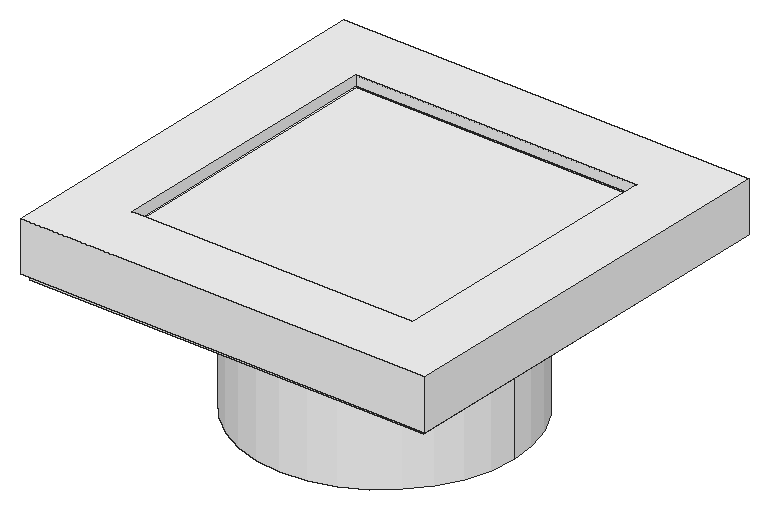
Revit family "Gira_291203", category Electrical Fixtures, host Face, Revit 2017
Family settings
  Host = Face
  Maintain Annotation Orientation = Yes
  Round Connector Dimension = Use Diameter
  Part Type = Normal
  Cut with Voids When Loaded = No
  Shared = No
  Room Calculation Point = No
Parameters (values of type "Pull-cord btn System 55 p.white")
  White [instance] = White
  URL = "http://katalog.gira.de/en/datenblatt.html?artikelnr=291203"
  Suitable for bus connection = "2-wire"
  Suitable for = "Emergency call"
  Name = "Pull-cord btn System 55 p.white"
  Model = "Sys55_Komplettgerät_Schalten und Tasten"
  Manufacturer URL = "https://www.gira.de/"
  Manufacturer = "Gira"
  HeinzeBIM = "https://bimportal.heinze.de/bim/pull-cord-btn-system-55-p-white/5bac549efa62aa683827bc893924f0966a0ba7ff"
  HAN = "291203"
  GTIN = "4010337062561"
  Description = "P-c btn Sys55 PW,Pull-cord button,System 55,pure white glossy,Features:,- Call or emergency call triggering using pull cord (2.5 m).,- Red reassurance light in the device housing.,,Notes :,- The pull-cord button is suitable for both wall and ceiling mounting."
  Default Elevation = 1219.2 mm
  Data sheet (1) = "https://katalog.gira.de/en/download.html?artikelnr=291203"
  Construction = "Wall model"
  Category = "Call-/control unit clinic-installation"
  Button function = "Activate call"
  BIM (1) = "https://media.stage.bim.site/public/gira/36a6b08/Sys55_Komplettgerät_Schalten und Tasten.rfa?public/gira/36a6b08/Sys55_Komplettgerät_Schalten und Tasten.rfa"
  Available = "No"
Reference planes
  plane 1 "Center (Front/Back)": y = 0
  plane 2: z = 0
  plane 3 "Center (Left/Right)": x = 0
Forms (mm)
  Extrusion 1, solid, material "White" <- "White", detail levels medium
    sketch origin (0, 0, 0) x (1, 0, 0) y (0, 1, 0)
      loop
        line (-40.4, 40.4) -> (-40.4, -40.4) -> (40.4, -40.4) -> (40.4, 40.4) -> (-40.4, 40.4)
      loop
        line (-28, 28) -> (-28, -28) -> (28, -28) -> (28, 28) -> (-28, 28)
    from 0 to 10
  Extrusion 2, solid, material "White" <- "White", detail levels fine
    sketch origin (0, 0, 0) x (1, 0, 0) y (0, 1, 0)
      loop
        line (-40.4, 40.4) -> (-40.4, -40.4) -> (40.4, -40.4) -> (40.4, 40.4) -> (-40.4, 40.4)
      loop
        line (-28, 28) -> (-28, -28) -> (28, -28) -> (28, 28) -> (-28, 28)
    from 0 to 10
  Extrusion 3, void
    sketch origin (0, 0, 0) x (1, 0, 0) y (0, 1, 0)
      loop
        line (-38.4, 38.4) -> (-38.4, -38.4) -> (38.4, -38.4) -> (38.4, 38.4) -> (-38.4, 38.4)
    from 0 to 8
  Extrusion 4, solid, material "White" <- "White", detail levels medium+fine
    sketch origin (0, 0, 0) x (1, 0, 0) y (0, 1, 0)
      loop
        line (-39.4, 39.4) -> (-39.4, -39.4) -> (39.4, -39.4) -> (39.4, 39.4) -> (-39.4, 39.4)
    from 0 to -1
  Extrusion 5, solid, material "White" <- "White", detail levels medium+fine
    sketch origin (0, 0, 0) x (1, 0, 0) y (0, 1, 0)
      loop
        line (-35.5, 35.5) -> (-35.5, -35.5) -> (35.5, -35.5) -> (35.5, 35.5) -> (-35.5, 35.5)
    from -2 to -3
  Extrusion 6, solid, material "White" <- "White", detail levels medium+fine
    sketch origin (0, 0, 0) x (1, 0, 0) y (0, 1, 0)
      loop
        circle (0, 0) r 26
    from 0 to -27.5
  Extrusion 7, solid, material "White" <- "White", detail levels coarse
    sketch origin (0, 0, 0) x (1, 0, 0) y (0, 1, 0)
      loop
        line (-40.4, 40.4) -> (-40.4, -40.4) -> (40.4, -40.4) -> (40.4, 40.4) -> (-40.4, 40.4)
    from -27.5 to 10
Cuts and joins
  Extrusion 3 cuts Extrusion 2
Dimensions and locks
  aligned and locked: plane 2 to host face
  aligned and locked: level to host face
  aligned and locked: plane 3 "Center (Left/Right)" to nested 2
  aligned and locked: plane 1 "Center (Front/Back)" to nested 2
Nested families
  nested 1: "Sys55_Abdeckung_Schalten und Tasten_floor_base" at (0, 0, 0), type "Sys55_Abdeckung_Schalten und Tasten_floor_base"
  nested 2: "Schalter" at (0, 0, 0), type "Schalter"
Connectors
  electrical at (0, 0, -27.5)
    settings: on Extrusion 6, index 1, voltage 220 V, apparent load 0 VA, apparent load phase1 0 VA, apparent load phase2 0 VA, apparent load phase3 0 VA, power factor 1, load classification "Other", number of poles 1, system type 30, power factor state 1, is connector primary yes, connector utility no, sub classification motor no, connector description ""
Definition of nested family "Sys55_Abdeckung_Schalten und Tasten_floor_base"
  Parameters
    Default Elevation = 1219.2 mm
    White [instance] = none
  Reference planes
    plane 1 "Center (Front/Back)": y = 0
    plane 2: z = 0
    plane 3 "Center (Left/Right)": x = 0
  Forms (mm)
    Extrusion 1, solid
      sketch origin (0, 0, 0) x (1, 0, 0) y (0, 1, 0)
        loop
          line (-1219.2, 1219.2) -> (-1219.2, -1219.2) -> (1219.2, -1219.2) -> (1219.2, 1219.2) -> (-1219.2, 1219.2)
      from 0 to -304.8
    Extrusion 2, solid, material <- "White", detail levels fine
      sketch origin (0, 0, 0) x (1, 0, 0) y (0, 1, 0)
        loop
          line (-27.5, 27.5) -> (-27.5, -27.5) -> (27.5, -27.5) -> (27.5, 27.5) -> (-27.5, 27.5)
      from 0 to 8
    Extrusion 3, void
      sketch origin (0, 0, 0) x (1, 0, 0) y (0, 1, 0)
        loop
          line (26, 26) -> (-26, 26) -> (-26, -26) -> (26, -26) -> (26, 26)
      from 0 to 6
    Extrusion 4, solid, material <- "White", detail levels medium
      sketch origin (0, 0, 0) x (1, 0, 0) y (0, 1, 0)
        loop
          line (-27.5, 27.5) -> (-27.5, -27.5) -> (27.5, -27.5) -> (27.5, 27.5) -> (-27.5, 27.5)
      from 0 to 8
    Extrusion 5, solid, material <- "White", detail levels medium
      sketch origin (0, 0, 0) x (1, 0, 0) y (0, 1, 0)
        loop
          line (11, -17.5) -> (11, 17.5) -> (-11, 17.5) -> (-11, -17.5) -> (11, -17.5)
      from -6 to 6
    Extrusion 6, solid, material <- "White", detail levels fine
      sketch origin (0, 0, 0) x (1, 0, 0) y (0, 1, 0)
        loop
          line (11, 17.5) -> (-11, 17.5) -> (-11, 16.5) -> (11, 16.5) -> (11, 17.5)
        loop
          line (-11, -16.5) -> (-11, -17.5) -> (11, -17.5) -> (11, -16.5) -> (-11, -16.5)
      from -4 to 6
    Extrusion 7, solid, material <- "White", detail levels fine
      sketch origin (0, 0, 0) x (1, 0, 0) y (0, 1, 0)
        loop
          arc (5, 9.347) -> (0, 10.6) -> (-5, 9.347) r 10.6
          line (-5, 9.347) -> (-5, -9.347)
          arc (-5, -9.347) -> (0, -10.6) -> (5, -9.347) r 10.6
          line (5, -9.347) -> (5, 9.347)
      from -6 to 6
    Extrusion 8, solid, material <- "White", detail levels coarse
      sketch origin (0, 0, 0) x (1, 0, 0) y (0, 1, 0)
        loop
          line (-27.5, 27.5) -> (-27.5, -27.5) -> (27.5, -27.5) -> (27.5, 27.5) -> (-27.5, 27.5)
      from -6 to 8
  Cuts and joins
    Extrusion 3 cuts Extrusion 2
  Dimensions and locks
    aligned and locked: plane 2 to Extrusion 1
    aligned and locked: level to Extrusion 1
Definition of nested family "Schalter"
  Reference planes
    plane 1: y = 0
    plane 2: x = 0
  Lines and regions (mm)
    detail lines
      curve 1: circle (1.375, 2.778, 0) r 0.8 normal (0, 0, 1)
      curve 2: line (1.021, 2.061, 0) -> (0, 0, 0)
      curve 3: line (0, 0, 0) -> (-0.538, 0.266, 0)
  Dimensions and locks
    curve 2 to curve 2 = 2.3 mm
    curve 3 to curve 2 = 0.6 mm
    radius of curve 1 = 0.8 mm
